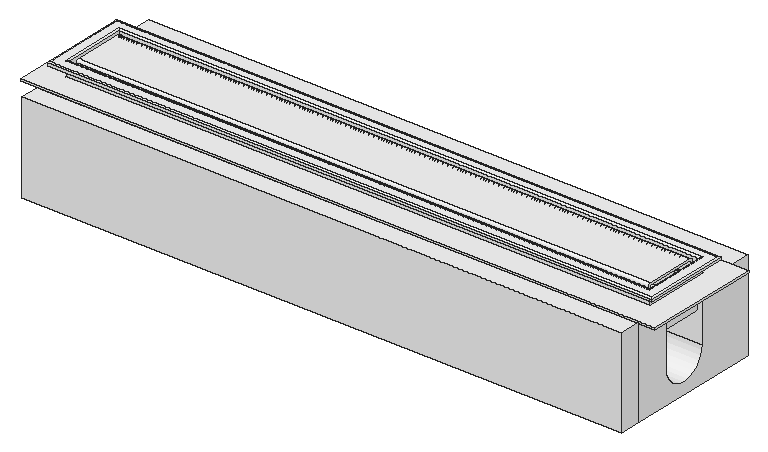
Revit family "NBS_Schluter-SystemsLtd_WstesForShwrTrys_Schluter-KERDI-LINE-H40", category Plumbing Fixtures, Revit 2015
Parameters (values of type "500mm_DesignerGrate_A")
  Width = 137.0 mm  # constant formula
  WarrantyStartDate [instance] = "1900-12-31T23:59:59"
  WarrantyGuarantorParts = "n/a"
  WarrantyGuarantorLabor = "n/a"
  WarrantyDurationUnit = "year"
  WarrantyDurationParts = "n/a"
  WarrantyDurationLabor = "n/a"
  WarrantyDescription = "5 years (Please contact Schlüter-Systems for further warranty information)"
  Version = "2"  # constant formula
  Uniclass2015Version = "Products v1.5"
  Uniclass2015Title = "Shower tray wastes"
  Uniclass2015Code = "Pr_70_55_96_83"
  TagNumber [instance] = "n/a"
  SustainabilityPerformance = "n/a"
  SuitableFrameCoverings = "Ceramic tiles, natural stone and other coatings"
  Size = "n/a"
  ShowerTrayGrateMaterial = NBS_Concept
  Shape = "n/a"
  SerialNumber [instance] = "n/a"
  Revision = "n/a"
  ReplacementCost = "n/a"
  ProductInformation = "www.schluter.co.uk/media/schlueter_db_8_7_kerdi_line_uk_1012.pdf"
  OutletConnectionSize = 40.0 mm
  NominalWidth = 0.0 mm
  NominalLength = 500.0 mm
  NominalHeight = 78.0 mm
  NominalBodyWidth = 0.0 mm
  NominalBodyLength = 550.0 mm
  NominalBodyDepth = 0.0 mm
  Name = "WastesForShowerTrays_Schlüter®-KERDI-LINE-H40_500mm_Schlüter-SystemsLtd"
  NBSTypeID = "n/a"
  NBSReference = "45-35-70/337"
  NBSOfficeMasterTag = "n/a"
  NBSNote = "n/a"
  NBSDescription = "Wastes for shower trays"
  NBSCertification = "www.nationalbimlibrary.com/cert/blqavxsn"
  ModelReference = "Schlüter®-KERDI-LINE-H 40"
  ModelNumber = "KLH 40 GE 50"
  ManufacturerURL = "www.schluter.co.uk"
  ManufacturerName = "Schlüter-Systems Ltd"  # constant formula
  Manufacturer = "www.schluter.co.uk"
  Length = 550.0 mm
  IntermediateInstallation [instance] = not(AdjoiningWall)  # yes
  InstallationDate [instance] = "1900-12-31T23:59:59"
  IfcExportType = "FLOORWASTE"  # constant formula
  IfcExportAs = "IfcWasteTerminalType"  # constant formula
  GrateOptions = "Designer Grate A, Designer Grate B, Designer Grate C, Designer Grate D"
  Grade = "n/a"
  FrameHeightOptions = "19 mm (for coverings with thicknesses of 3-15 mm), 30 mm (for coverings with thicknesses of 13-25 mm)"
  Form = "Flush linear drain"
  Finish = "n/a"
  Features = "Pre-adhered waterproof collor made of Schlüter®-KERDI to ensure reliable connection between channel body and the floor and/or wall."
  ExpectedLife = "n/a"
  EnvironmentalProductDeclaration = "n/a"
  DurationUnit = "year"
  DrainageCapacity = "DN 40 = 0.5 L/s (30 L/min)"
  DesignerGrate = NBS_Schluter-SystemsLtd_WstesForShwrTrys_KERDI-LINE_Grate_A : NBS_Schluter-SystemsLtd_WstesForShwrTrys_KERDI-LINE_Grate_A
  Description = "Horizontal drain with integrated odour trap"
  Depth = 91.7 mm  # constant formula
  CoverWidth = 55.0 mm
  CoverMaterial = "Stainless steel V4A 1.440"
  CoverLength = Length - 26.6 mm  # 523.4 mm
  Constituents = "n/a"
  Color = "white and grey"
  CodePerformance = "n/a"
  ChannelSupportMaterial = NBS_Concept
  ChannelSupportLength = Length - 30.6 mm  # 519.4 mm
  ChannelSupportHeight = 78.0 mm  # constant formula
  Category = "Pr_70_55_96_83:Shower tray wastes"
  BodyMaterial = "Channel body: Stainless steel V4A 1.4404; Drain body: High impact polypropylene (PP); Odour trap: Acrylonitrile butadiene styrene (ABS); Frame: Stainless steel V4A 1.440; Channel support: Pressure resistant, expanded polystyrene (EPS)"
  BarCode [instance] = "n/a"
  BIMObjectName = "NBS_Schlüter-SystemsLtd_WastesForShowerTrays_Schlüter®-KERDI-LINE-H40-500mm"
  Author = "NBS"  # constant formula
  AssetType = "Fixed"
  AssetIdentifier [instance] = "n/a"
  AdjoiningWall [instance] = no
  AccessibilityPerformance = "n/a"
Reference planes
  plane 1 "Center (Front/Back)": y = 0
  plane 2: z = 0
  plane 3 "Center (Left/Right)": x = 0
  plane 4: z = -12.2
  plane 5: z = -13.7
  plane 6: z = -91.7
  plane 7: y = -67.5
  plane 8: y = 69.5
  plane 9: y = -50.5
  plane 10: x = -275
  plane 11: x = 275
  plane 12 "PipeConnection": x = 137.5
  plane 13: z = -61.7
Dimensions and locks
  locked: plane 2 to plane 4 at 12.2
  locked: plane 4 to plane 5 at 1.5
  "ChannelSupportHeight": plane 5 to plane 6
  locked: plane 9 to plane 7 at 17
  locked: plane 1 "Center (Front/Back)" to plane 8 at 69.5
  "Width": plane 8 to plane 7
  equal spacing: plane 10, plane 3 "Center (Left/Right)", plane 11
  "Length": plane 10 to plane 11
  locked: plane 3 "Center (Left/Right)" to plane 12 "PipeConnection" at 137.5
  locked: plane 2 to plane 13 at 61.7
  aligned and locked: level to plane 2
  aligned and locked: plane 3 "Center (Left/Right)" to nested 1
  aligned and locked: plane 4 to nested 1
  aligned and locked: plane 3 "Center (Left/Right)" to nested 2
  aligned and locked: plane 1 "Center (Front/Back)" to nested 2
  aligned and locked: nested 2 to plane 6
  aligned and locked: plane 3 "Center (Left/Right)" to nested 3
  aligned and locked: plane 6 to nested 3
  aligned and locked: plane 5 to nested 3
  aligned and locked: plane 3 "Center (Left/Right)" to nested 4
  aligned and locked: plane 1 "Center (Front/Back)" to nested 4
Nested families
  nested 1: "NBS_Schluter-SystemsLtd_WstesForShwrTrys_KERDI-LINE_Tray" at (0, 0, -12.2), TrayLength <- "Length", TrayMaterial <- "ShowerTrayGrateMaterial", type "NBS_Schluter-SystemsLtd_WstesForShwrTrys_KERDI-LINE_Tray"
    with TrayWidth 101.0 mm, TrayMaterial NBS_Concept, TrayLength 550.0 mm, TrayDepth 25.0 mm, HoleWidth 56.0 mm, HoleLength 115.0 mm, HoleFilletRadius 28.0 mm
  nested 2: "NBS_Schluter-SystemsLtd_WstesForShwrTrys_KERDI-LINE_ChannelSupport" at (0, 0, -91.7), ChannelSupportLength <- "ChannelSupportLength", ChannelSupportMaterial <- "ChannelSupportMaterial", IntermediateInstallation <- "IntermediateInstallation", AdjoiningWall <- "AdjoiningWall", type "H40"
    with TrayLength 509.0 mm, IntermediateInstallation yes, ChannelSupportMaterial NBS_Concept, ChannelSupportLength 519.4 mm, AdjoiningWall no
  nested 3: "NBS_Schluter-SystemsLtd_WstesForShwrTrys_KERDI-LINE_Drain" at (0, 0, -13.7), DrainBodyMaterial <- "ShowerTrayGrateMaterial", type "NBS_Schluter-SystemsLtd_WstesForShwrTrys_KERDI-LINE_Drain"
    with FilletRadius 10.0 mm, DrainPipeRadius 20.0 mm, DrainPipePosition 30.0 mm, DrainPipeLength 70.0 mm, DrainPipeInnerRadius 18.0 mm, DrainPipeDiameter 40.0 mm, DrainBodyWidth 90.0 mm, DrainBodyMaterial NBS_Concept, DrainBodyLength 135.0 mm, DrainBodyDepth 78.0 mm
  nested 4: "NBS_Schluter-SystemsLtd_WstesForShwrTrys_KERDI-LINE_Grate_A" at (0, 0, 0.1), type <- "DesignerGrate", Material <- "ShowerTrayGrateMaterial", Length <- "CoverLength", type "NBS_Schluter-SystemsLtd_WstesForShwrTrys_KERDI-LINE_Grate_A"
    with Width 74.4 mm, Material NBS_Concept, Length 523.4 mm, GrateWidth 47.0 mm
Connectors
  piping at (137.5, 0, -61.7), diameter 40
    settings: index 1, connector inside diameter 609.6 mm, connector length 0.0 mm, flow factor 0, pipe flow 0.0 L/s, pressure drop 0.0 Pa, fitting loss kfactor 0, connector angle 0.00°, fixture units 0, engagement length 0.0 mm, angle of deflection 0.00°, flow configuration 0, flow direction 0, fitting loss method 0, system type 16, joint type 0, gender type 0, connector reference index -1, connector utility 0, adjustable connector no, is connector primary yes, connector description ""
Definition of nested family "NBS_Schluter-SystemsLtd_WstesForShwrTrys_KERDI-LINE_Tray"
  Parameters
    TrayWidth [instance] = 101.0 mm  # constant formula
    TrayMaterial [instance] = none
    TrayLength [instance] = 1000.0 mm
    TrayDepth [instance] = 25.0 mm  # constant formula
    HoleWidth [instance] = 56.0 mm  # constant formula
    HoleLength [instance] = 115.0 mm  # constant formula
    HoleFilletRadius [instance] = HoleWidth / 2  # 28.0 mm
  Reference planes
    plane 1 "Center (Front/Back)": y = 0
    plane 2: z = 0
    plane 3 "Center (Left/Right)": x = 0
    plane 4: y = 50.5
    plane 5: y = -50.5
    plane 6: x = -500
    plane 7: x = 500
    plane 8: y = 28.5
    plane 9: y = -28.5
    plane 10: x = -478
    plane 11: x = 478
    plane 12: z = -25
    plane 13: z = -1.5
    plane 14: y = -30
    plane 15: z = -23.4
    plane 16: x = -29.5
    plane 17: x = 29.5
    plane 18: y = 28
    plane 19: y = -28
    plane 20: x = -57.5
    plane 21: x = 57.5
    plane 22: y = 29.5
    plane 23: x = 59
    plane 24: x = -59
    plane 25: y = -29.5
    plane 26: z = -35
    plane 27: y = 26.5
    plane 28: y = -26.5
    plane 29: x = -56
    plane 30: x = 56
    plane 31: z = -28.4
    plane 32: z = -68.4
    plane 33: z = -71
    plane 34: z = -69
  Forms (mm)
    Sweep 1, solid, material <- "TrayMaterial"
      path origin (0, 0, 0) x (1, 0, 0) y (0, 1, 0)
        loop
          line (-478, -28.5) -> (478, -28.5) -> (478, 28.5) -> (-478, 28.5) -> (-478, -28.5)
      profile origin (0, -28.5, 0) x (0, 1, 0) y (0, 0, 1)
        loop
          line (0, 0) -> (-22, 0) -> (-22, -1.5) -> (-1.5, -1.5) -> (-1.5, -25) -> (0, -25) -> (0, 0)
    Extrusion 2, solid, material <- "TrayMaterial"
      sketch origin (0, 0, 0) x (1, 0, 0) y (0, 1, 0)
        loop
          line (-478, 28.5) -> (-478, -28.5) -> (478, -28.5) -> (478, 28.5) -> (-478, 28.5)
        loop
          line (-29.5, -28) -> (29.5, -28)
          arc (29.5, -28) -> (57.5, 0) -> (29.5, 28) r 28
          line (29.5, 28) -> (-29.5, 28)
          arc (-29.5, 28) -> (-57.5, 0) -> (-29.5, -28) r 28
      from -25 to -23.4
    Extrusion 3, solid, material <- "TrayMaterial"
      sketch origin (0, 0, 0) x (1, 0, 0) y (0, 1, 0)
        loop
          line (-29.5, -29.5) -> (29.5, -29.5)
          arc (29.5, -29.5) -> (59, 0) -> (29.5, 29.5) r 29.5
          line (29.5, 29.5) -> (-29.5, 29.5)
          arc (-29.5, 29.5) -> (-59, 0) -> (-29.5, -29.5) r 29.5
        loop
          arc (-29.5, 28) -> (-57.5, 0) -> (-29.5, -28) r 28
          line (-29.5, -28) -> (29.5, -28)
          arc (29.5, -28) -> (57.5, 0) -> (29.5, 28) r 28
          line (29.5, 28) -> (-29.5, 28)
      from -35 to -25
    Extrusion 4, solid, material <- "TrayMaterial"
      sketch origin (0, 0, 0) x (1, 0, 0) y (0, 1, 0)
        loop
          arc (-29.5, 26.5) -> (-56, 0) -> (-29.5, -26.5) r 26.5
          line (-29.5, -26.5) -> (29.5, -26.5)
          arc (29.5, -26.5) -> (56, 0) -> (29.5, 26.5) r 26.5
          line (29.5, 26.5) -> (-29.5, 26.5)
        loop
          circle (0, 0) r 24.5
      from -28.4 to -23.4
    Extrusion 5, solid, material <- "TrayMaterial"
      sketch origin (0, 0, 0) x (1, 0, 0) y (0, 1, 0)
        loop
          circle (0, 0) r 26.5
        loop
          circle (0, 0) r 24.5
      from -68.4 to -28.4
    Extrusion 6, solid, material <- "TrayMaterial"
      sketch origin (0, 0, 0) x (1, 0, 0) y (0, 1, 0)
        loop
          circle (0, 0) r 42.5
      from -71 to -35
    Extrusion 7, void
      sketch origin (0, 0, 0) x (1, 0, 0) y (0, 1, 0)
        loop
          circle (0, 0) r 40.5
      from -69 to -35
  Cuts and joins
    Extrusion 7 cuts Extrusion 6
  Dimensions and locks
    locked: plane 6 to plane 10 at 22
    locked: plane 11 to plane 7 at 22
    locked: plane 5 to plane 9 at 22
    locked: plane 4 to plane 8 at 22
    equal spacing: plane 4, plane 1 "Center (Front/Back)", plane 5
    equal spacing: plane 6, plane 3 "Center (Left/Right)", plane 7
    "TrayWidth": plane 4 to plane 5
    "TrayLength": plane 6 to plane 7
    "TrayDepth": plane 2 to plane 12
    locked: plane 2 to plane 13 at 1.5
    locked: plane 9 to plane 14 at 1.5
    locked: plane 15 to plane 12 at 1.6
    equal spacing: plane 18, plane 1 "Center (Front/Back)", plane 19
    "HoleWidth": plane 18 to plane 19
    "HoleFilletRadius": plane 20 to plane 16
    "HoleFilletRadius": plane 17 to plane 21
    equal spacing: plane 20, plane 3 "Center (Left/Right)", plane 21
    "HoleLength": plane 20 to plane 21
    locked: plane 19 to plane 25 at 1.5
    locked: plane 22 to plane 18 at 1.5
    locked: plane 24 to plane 20 at 1.5
    locked: plane 21 to plane 23 at 1.5
    locked: plane 12 to plane 26 at 10
    locked: plane 18 to plane 27 at 1.5
    locked: plane 28 to plane 19 at 1.5
    locked: plane 20 to plane 29 at 1.5
    locked: plane 30 to plane 21 at 1.5
    locked: plane 31 to plane 32 at 40
    locked: plane 26 to plane 33 at 36
    locked: plane 34 to plane 33 at 2
    radius of Extrusion 6 sketch curve = 42.5 mm
    radius of Extrusion 7 sketch curve = 40.5 mm
    radius of Extrusion 5 sketch curve = 24.5 mm
    radius of Extrusion 5 sketch curve = 26.5 mm
    radius of Extrusion 4 sketch curve = 24.5 mm
    aligned and locked: level to plane 2
    aligned and locked: plane 8 to Sweep 1 sketch curve
    aligned and locked: Sweep 1 sketch curve to plane 10
    aligned and locked: plane 9 to Sweep 1 sketch curve
    aligned and locked: plane 11 to Sweep 1 sketch curve
    aligned and locked: plane 2 to Sweep 1 sketch curve
    aligned and locked: Sweep 1 sketch curve to plane 9
    aligned and locked: Sweep 1 sketch curve to plane 12
    aligned and locked: Sweep 1 sketch curve to plane 5
    aligned and locked: Sweep 1 sketch curve to plane 13
    aligned and locked: plane 14 to Sweep 1 sketch curve
    aligned and locked: Extrusion 2 sketch curve to plane 8
    aligned and locked: plane 10 to Extrusion 2 sketch curve
    aligned and locked: Extrusion 2 sketch curve to plane 11
    aligned and locked: Extrusion 2 sketch curve to plane 9
    aligned and locked: Extrusion 2 to plane 12
    aligned and locked: plane 15 to Extrusion 2
    aligned and locked: Extrusion 2 sketch curve to plane 18
    aligned and locked: Extrusion 2 sketch curve to plane 19
    aligned and locked: plane 16 to Extrusion 2 sketch curve  (x2)
    aligned and locked: plane 17 to Extrusion 2 sketch curve  (x2)
    aligned and locked: Extrusion 3 sketch curve to plane 25
    aligned and locked: Extrusion 3 sketch curve to plane 22
    aligned and locked: plane 16 to Extrusion 3 sketch curve  (x4)
    aligned and locked: plane 17 to Extrusion 3 sketch curve  (x4)
    aligned and locked: Extrusion 3 sketch curve to plane 19
    aligned and locked: Extrusion 3 sketch curve to plane 18
    aligned and locked: plane 12 to Extrusion 3
    aligned and locked: Extrusion 3 to plane 26
    aligned and locked: Extrusion 4 sketch curve to plane 27
    aligned and locked: Extrusion 4 sketch curve to plane 28
    aligned and locked: plane 16 to Extrusion 4 sketch curve  (x2)
    aligned and locked: plane 17 to Extrusion 4 sketch curve  (x2)
    aligned and locked: plane 15 to Extrusion 4
    aligned and locked: Extrusion 4 to plane 31
    aligned and locked: plane 31 to Extrusion 5
    aligned and locked: Extrusion 5 to plane 32
    aligned and locked: plane 26 to Extrusion 6
    aligned and locked: Extrusion 6 to plane 33
    aligned and locked: plane 26 to Extrusion 7
    aligned and locked: Extrusion 7 to plane 34
  Automatic sketch dimensions
    plane 1 "Center (Front/Back)" to Extrusion 4 sketch curve = 0.0 mm
    Extrusion 4 sketch curve to plane 3 "Center (Left/Right)" = 0.0 mm
    Extrusion 5 sketch curve to Extrusion 5 sketch curve = 0.0 mm  (x2)
    plane 1 "Center (Front/Back)" to Extrusion 5 sketch curve = 0.0 mm
    Extrusion 5 sketch curve to plane 3 "Center (Left/Right)" = 0.0 mm
    plane 1 "Center (Front/Back)" to Extrusion 6 sketch curve = 0.0 mm
    Extrusion 6 sketch curve to plane 3 "Center (Left/Right)" = 0.0 mm
    plane 1 "Center (Front/Back)" to Extrusion 7 sketch curve = 0.0 mm
    Extrusion 7 sketch curve to plane 3 "Center (Left/Right)" = 0.0 mm
Definition of nested family "NBS_Schluter-SystemsLtd_WstesForShwrTrys_KERDI-LINE_ChannelSupport"
  Parameters
    TrayWidth = ChannelSupportWidth - 20.5 mm * 2  # 60.0 mm
    TrayLength [instance] = ChannelSupportLength - 5.2 mm * 2  # 989.6 mm
    TrayDepth = 23.5 mm  # constant formula
    PipeChannelWidth = 40.0 mm
    PipeChannelDepth = 48.0 mm
    IntermediateInstallationWidth = 17.0 mm  # constant formula
    IntermediateInstallation [instance] = not(AdjoiningWall)  # no
    DrainBodyWidth = 90.0 mm  # constant formula
    DrainBodyLength = 135.0 mm  # constant formula
    ChannelSupportWidth = 101.0 mm  # constant formula
    ChannelSupportMaterial [instance] = none
    ChannelSupportLength [instance] = 1000.0 mm
    ChannelSupportHeight = 78.0 mm
    AdjoiningWall [instance] = yes
  Reference planes
    plane 1 "Center (Front/Back)": y = 0
    plane 2: z = 0
    plane 3 "Center (Left/Right)": x = 0
    plane 4: y = 50.5
    plane 5: y = -50.5
    plane 6: x = 500
    plane 7: x = -500
    plane 8: y = 20
    plane 9: y = -20
    plane 10: x = -67.5
    plane 11: x = 67.5
    plane 12: y = 45
    plane 13: y = -45
    plane 14: z = 78
    plane 15: z = 30
    plane 16: y = 30
    plane 17: y = -30
    plane 18: x = -494.8
    plane 19: x = 494.8
    plane 20: z = 54.5
    plane 21: y = 69.5
    plane 22: y = -67.5
  Forms (mm)
    Extrusion 1, solid, material <- "ChannelSupportMaterial"
      sketch origin (0, 0, 0) x (1, 0, 0) y (0, 1, 0)
        loop
          line (-500, 69.5) -> (-500, -50.5) -> (500, -50.5) -> (500, 69.5) -> (-500, 69.5)
        loop
          line (-67.5, 45) -> (-67.5, -45) -> (67.5, -45) -> (67.5, 45) -> (-67.5, 45)
      from 0 to 78
    Extrusion 2, void
      sketch origin (0, 0, 0) x (0, 1, 0) y (0, 0, 1)
        loop
          line (20, 78) -> (-20, 78) -> (-20, 30)
          arc (-20, 30) -> (0, 10) -> (20, 30) r 20
          line (20, 30) -> (20, 78)
      from -500 to 500
    Extrusion 3, void
      sketch origin (0, 0, 0) x (1, 0, 0) y (0, 1, 0)
        loop
          line (-494.8, 30) -> (-494.8, -30) -> (494.8, -30) -> (494.8, 30) -> (-494.8, 30)
      from 54.5 to 78
    Extrusion 4, solid, material <- "ChannelSupportMaterial", visible <- "IntermediateInstallation"
      sketch origin (0, 0, 0) x (1, 0, 0) y (0, 1, 0)
        loop
          line (-500, -50.5) -> (-500, -67.5) -> (500, -67.5) -> (500, -50.5) -> (-500, -50.5)
      from 0 to 78
  Cuts and joins
    Extrusion 2, Extrusion 3 cuts Extrusion 1
  Dimensions and locks
    equal spacing: plane 7, plane 3 "Center (Left/Right)", plane 6
    equal spacing: plane 4, plane 1 "Center (Front/Back)", plane 5
    equal spacing: plane 8, plane 1 "Center (Front/Back)", plane 9
    equal spacing: plane 10, plane 3 "Center (Left/Right)", plane 11
    equal spacing: plane 12, plane 1 "Center (Front/Back)", plane 13
    "ChannelSupportHeight": plane 14 to plane 2
    "ChannelSupportLength": plane 7 to plane 6
    "ChannelSupportWidth": plane 4 to plane 5
    plane 12 to plane 13 = 90.0 mm
    "DrainBodyLength": plane 10 to plane 11
    "PipeChannelWidth": plane 8 to plane 9
    "PipeChannelDepth": plane 14 to plane 15
    equal spacing: plane 17, plane 1 "Center (Front/Back)", plane 16
    "TrayWidth": plane 17 to plane 16
    equal spacing: plane 18, plane 3 "Center (Left/Right)", plane 19
    "TrayLength": plane 18 to plane 19
    "TrayDepth": plane 14 to plane 20
    locked: plane 21 to plane 4 at 19
    locked: plane 22 to plane 5 at 17
    aligned and locked: level to plane 2
    aligned and locked: plane 7 to Extrusion 1 sketch curve
    aligned and locked: Extrusion 1 sketch curve to plane 6
    aligned and locked: plane 5 to Extrusion 1 sketch curve
    aligned and locked: Extrusion 1 to plane 2
    aligned and locked: plane 14 to Extrusion 1
    aligned and locked: Extrusion 2 sketch curve to plane 14
    aligned and locked: plane 9 to Extrusion 2 sketch curve
    aligned and locked: plane 8 to Extrusion 2 sketch curve
    aligned and locked: plane 15 to Extrusion 2 sketch curve  (x2)
    aligned and locked: Extrusion 2 to plane 7
    aligned and locked: plane 6 to Extrusion 2
    aligned and locked: Extrusion 1 sketch curve to plane 12
    aligned and locked: plane 10 to Extrusion 1 sketch curve
    aligned and locked: plane 13 to Extrusion 1 sketch curve
    aligned and locked: Extrusion 1 sketch curve to plane 11
    aligned and locked: Extrusion 3 sketch curve to plane 16
    aligned and locked: Extrusion 3 sketch curve to plane 19
    aligned and locked: Extrusion 3 sketch curve to plane 17
    aligned and locked: plane 18 to Extrusion 3 sketch curve
    aligned and locked: plane 14 to Extrusion 3
    aligned and locked: plane 20 to Extrusion 3
    aligned and locked: Extrusion 1 sketch curve to plane 21
    aligned and locked: Extrusion 4 sketch curve to plane 5
    aligned and locked: Extrusion 4 sketch curve to plane 6
    aligned and locked: Extrusion 4 sketch curve to plane 22
    aligned and locked: plane 7 to Extrusion 4 sketch curve
    aligned and locked: Extrusion 4 to plane 2
    aligned and locked: plane 14 to Extrusion 4
Definition of nested family "NBS_Schluter-SystemsLtd_WstesForShwrTrys_KERDI-LINE_Drain"
  Parameters
    FilletRadius [instance] = 10.0 mm  # constant formula
    DrainPipeRadius [instance] = DrainPipeDiameter / 2  # 20.0 mm
    DrainPipePosition [instance] = 30.0 mm
    DrainPipeLength [instance] = 70.0 mm  # constant formula
    DrainPipeInnerRadius [instance] = DrainPipeRadius - 2.0 mm  # 18.0 mm
    DrainPipeDiameter [instance] = 40.0 mm
    DrainBodyWidth [instance] = 90.0 mm  # constant formula
    DrainBodyMaterial [instance] = none
    DrainBodyLength [instance] = 135.0 mm  # constant formula
    DrainBodyDepth [instance] = 55.0 mm
  Reference planes
    plane 1 "Center (Front/Back)": y = 0
    plane 2: z = 0
    plane 3 "Center (Left/Right)": x = 0
    plane 4: y = 45
    plane 5: y = -45
    plane 6: x = -67.5
    plane 7: x = 67.5
    plane 8: x = -57.5
    plane 9 "RotationAxis1": y = 35
    plane 10 "RotationAxis2": y = -35
    plane 11: x = 57.5
    plane 12: z = -55
    plane 13: z = -45
    plane 14: z = -25
    plane 15: x = 137.5
    plane 16: x = -65.5
    plane 17: y = 43
    plane 18: y = -43
    plane 19: x = 65.5
    plane 20: z = -53
  Forms (mm)
    Extrusion 1, solid, material <- "DrainBodyMaterial"
      sketch origin (0, 0, 0) x (1, 0, 0) y (0, 1, 0)
        loop
          arc (-67.5, -35) -> (-64.571, -42.071) -> (-57.5, -45) r 10
          line (-57.5, -45) -> (57.5, -45)
          arc (57.5, -45) -> (64.571, -42.071) -> (67.5, -35) r 10
          line (67.5, -35) -> (67.5, 35)
          arc (67.5, 35) -> (64.571, 42.071) -> (57.5, 45) r 10
          line (57.5, 45) -> (-57.5, 45)
          arc (-57.5, 45) -> (-64.571, 42.071) -> (-67.5, 35) r 10
          line (-67.5, 35) -> (-67.5, -35)
        loop
          line (-65.5, 35) -> (-65.5, -35)
          arc (-65.5, -35) -> (-63.157, -40.657) -> (-57.5, -43) r 8
          line (-57.5, -43) -> (57.5, -43)
          arc (57.5, -43) -> (63.157, -40.657) -> (65.5, -35) r 8
          line (65.5, -35) -> (65.5, 35)
          arc (65.5, 35) -> (63.157, 40.657) -> (57.5, 43) r 8
          line (57.5, 43) -> (-57.5, 43)
          arc (-57.5, 43) -> (-63.157, 40.657) -> (-65.5, 35) r 8
      from -45 to 0
    Extrusion 2, solid, material <- "DrainBodyMaterial"
      sketch origin (0, 0, 0) x (1, 0, 0) y (0, 0, 1)
        loop
          arc (57.5, -55) -> (64.571, -52.071) -> (67.5, -45) r 10
          line (67.5, -45) -> (65.5, -45)
          arc (65.5, -45) -> (63.157, -50.657) -> (57.5, -53) r 8
          line (57.5, -53) -> (-57.5, -53)
          arc (-57.5, -53) -> (-63.157, -50.657) -> (-65.5, -45) r 8
          line (-65.5, -45) -> (-67.5, -45)
          arc (-67.5, -45) -> (-64.571, -52.071) -> (-57.5, -55) r 10
          line (-57.5, -55) -> (57.5, -55)
      from -35 to 35
    Revolve 3, solid, material <- "DrainBodyMaterial"
      sketch origin (0, -35, 0) x (-1, 0, 0) y (0, 0, -1)
        loop
          arc (67.5, 45) -> (64.571, 52.071) -> (57.5, 55) r 10
          line (57.5, 55) -> (-57.5, 55)
          arc (-57.5, 55) -> (-64.571, 52.071) -> (-67.5, 45) r 10
          line (-67.5, 45) -> (-65.5, 45)
          arc (-65.5, 45) -> (-63.157, 50.657) -> (-57.5, 53) r 8
          line (-57.5, 53) -> (57.5, 53)
          arc (57.5, 53) -> (63.157, 50.657) -> (65.5, 45) r 8
          line (65.5, 45) -> (67.5, 45)
        axis (67.5, 45) -> (-67.5, 45)
      angle from 270 to 360
    Extrusion 4, void
      sketch origin (0, 0, 0) x (0, 1, 0) y (0, 0, 1)
        loop
          circle (0, -25) r 18
      from 57.5 to 90.658
    Extrusion 5, solid, material <- "DrainBodyMaterial"
      sketch origin (0, 0, 0) x (0, 1, 0) y (0, 0, 1)
        loop
          circle (0, -25) r 20
        loop
          circle (0, -25) r 18
      from 65.5 to 137.5
    Revolve 6, solid, material <- "DrainBodyMaterial"
      sketch origin (0, 35, 0) x (-1, 0, 0) y (0, 0, 1)
        loop
          line (67.5, -45) -> (65.5, -45)
          arc (65.5, -45) -> (63.157, -50.657) -> (57.5, -53) r 8
          line (57.5, -53) -> (-57.5, -53)
          arc (-57.5, -53) -> (-63.157, -50.657) -> (-65.5, -45) r 8
          line (-65.5, -45) -> (-67.5, -45)
          arc (-67.5, -45) -> (-64.571, -52.071) -> (-57.5, -55) r 10
          line (-57.5, -55) -> (57.5, -55)
          arc (57.5, -55) -> (64.571, -52.071) -> (67.5, -45) r 10
        axis (67.5, -45) -> (-67.5, -45)
      angle from 270 to 360
  Cuts and joins
    Extrusion 4 cuts Extrusion 1
    Extrusion 4 cuts Extrusion 2
  Dimensions and locks
    equal spacing: plane 6, plane 3 "Center (Left/Right)", plane 7
    "DrainBodyLength": plane 6 to plane 7
    equal spacing: plane 4, plane 1 "Center (Front/Back)", plane 5
    "DrainBodyWidth": plane 4 to plane 5
    "FilletRadius": plane 6 to plane 8
    "FilletRadius": plane 11 to plane 7
    "FilletRadius": plane 10 "RotationAxis2" to plane 5
    "FilletRadius": plane 4 to plane 9 "RotationAxis1"
    "DrainBodyDepth": plane 2 to plane 12
    "FilletRadius": plane 13 to plane 12
    "DrainPipePosition": plane 14 to plane 12
    "DrainPipeLength": plane 7 to plane 15
    locked: plane 18 to plane 5 at 2
    locked: plane 4 to plane 17 at 2
    locked: plane 6 to plane 16 at 2
    locked: plane 19 to plane 7 at 2
    locked: plane 20 to plane 12 at 2
    "DrainPipeInnerRadius": radius of Extrusion 4 sketch curve
    "DrainPipeRadius": radius of Extrusion 5 sketch curve
    "DrainPipeInnerRadius": radius of Extrusion 5 sketch curve
    aligned and locked: level to plane 2
    aligned and locked: plane 6 to Extrusion 1 sketch curve
    aligned and locked: Extrusion 1 sketch curve to plane 4
    aligned and locked: plane 5 to Extrusion 1 sketch curve
    aligned and locked: Extrusion 1 sketch curve to plane 7
    aligned and locked: plane 8 to Extrusion 1 sketch curve  (x4)
    aligned and locked: plane 9 "RotationAxis1" to Extrusion 1 sketch curve  (x4)
    aligned and locked: plane 10 "RotationAxis2" to Extrusion 1 sketch curve  (x4)
    aligned and locked: plane 11 to Extrusion 1 sketch curve  (x4)
    aligned and locked: plane 2 to Extrusion 1
    aligned and locked: Extrusion 1 to plane 13
    aligned and locked: plane 12 to Extrusion 2 sketch curve
    aligned and locked: plane 8 to Extrusion 2 sketch curve
    aligned and locked: plane 13 to Extrusion 2 sketch curve  (x2)
    aligned and locked: plane 11 to Extrusion 2 sketch curve
    aligned and locked: plane 9 "RotationAxis1" to Extrusion 2
    aligned and locked: Extrusion 2 to plane 10 "RotationAxis2"
    aligned and locked: Revolve 3 to plane 10 "RotationAxis2"
    aligned and locked: plane 17 to Extrusion 1 sketch curve
    aligned and locked: Extrusion 1 sketch curve to plane 16
    aligned and locked: Extrusion 1 sketch curve to plane 18
    aligned and locked: plane 19 to Extrusion 1 sketch curve
    aligned and locked: Extrusion 4 to plane 11
    aligned and locked: plane 15 to Extrusion 5
    aligned and locked: Extrusion 5 to plane 19
    aligned and locked: Revolve 3 sketch curve to plane 20
    aligned and locked: Revolve 3 sketch curve to plane 13
    aligned and locked: plane 8 to Revolve 3 sketch curve
    aligned and locked: plane 13 to Revolve 3 sketch curve  (x3)
    aligned and locked: plane 11 to Revolve 3 sketch curve
    aligned and locked: plane 9 "RotationAxis1" to Revolve 6
    aligned and locked: plane 13 to Revolve 6
  Automatic sketch dimensions
    Extrusion 2 sketch curve to Extrusion 2 sketch curve = 0.0 mm  (x2)
    Extrusion 2 sketch curve to plane 16 = 0.0 mm
    Revolve 3 sketch curve to Revolve 3 sketch curve = 0.0 mm  (x2)
    Revolve 3 sketch curve to plane 13 = 0.0 mm
    Revolve 3 sketch curve to plane 7 = 0.0 mm
    plane 15 to Revolve 3 sketch curve = 1761.483 mm
    Revolve 3 sketch curve to Revolve 3 sketch curve = 1380.282 mm
    Revolve 6 sketch curve to Revolve 6 sketch curve = 0.0 mm  (x4)
    Revolve 6 sketch curve to plane 13 = 0.0 mm  (x3)
    Revolve 6 sketch curve to plane 7 = 0.0 mm
    Revolve 6 sketch curve to plane 19 = 0.0 mm
    Revolve 6 sketch curve to plane 11 = 0.0 mm
    Revolve 6 sketch curve to plane 8 = 0.0 mm
    plane 15 to Revolve 6 sketch curve = 1761.483 mm
    Revolve 6 sketch curve to Revolve 6 sketch curve = 1380.282 mm
    Extrusion 4 sketch curve to plane 1 "Center (Front/Back)" = 0.0 mm
    Extrusion 4 sketch curve to plane 14 = 0.0 mm
    Extrusion 5 sketch curve to Extrusion 5 sketch curve = 0.0 mm  (x2)
    Extrusion 5 sketch curve to plane 1 "Center (Front/Back)" = 0.0 mm
    Extrusion 5 sketch curve to plane 14 = 0.0 mm
Definition of nested family "NBS_Schluter-SystemsLtd_WstesForShwrTrys_KERDI-LINE_Grate_A"
  Parameters
    GrateWidth [instance] = 47.0 mm  # constant formula
    Width [instance] = 74.4 mm  # constant formula
    Material [instance] = none
    Length [instance] = 1023.4 mm
  Reference planes
    plane 1 "Center (Front/Back)": y = 0
    plane 2: z = 0
    plane 3 "Center (Left/Right)": x = 0
    plane 4: y = 37.2
    plane 5: y = -37.2
    plane 6: x = -511.7
    plane 7: x = 511.7
    plane 8: x = -501.7
    plane 9: x = 501.7
    plane 10: y = -27.2
    plane 11: y = 27.2
    plane 12: x = -497.7
    plane 13: x = 497.7
    plane 14: y = 23.5
    plane 15: y = -23.5
    plane 16: z = -12
    plane 17: z = -19
    plane 18: x = -496.2
    plane 19: x = 496.2
    plane 20: y = 22
    plane 21: y = -22
    plane 22: z = -1.5
    plane 23: y = 28
    plane 24: z = -0.806
    plane 25: y = 36.4
    plane 26: z = -3
    plane 27: z = -12.8
    plane 28: y = 21
    plane 29: z = -2.5
    plane 30: y = -21
    plane 31: y = 35.9
    plane 32: y = 28.5
    plane 33: z = -1.3
    plane 34: y = 21.2
  Forms (mm)
    Sweep 1, solid, material <- "Material", detail levels fine
      path origin (0, 0, 0) x (1, 0, 0) y (0, 1, 0)
        loop
          line (-511.7, 37.2) -> (-511.7, -37.2) -> (511.7, -37.2) -> (511.7, 37.2) -> (-511.7, 37.2)
      profile origin (0, 37.2, 0) x (0, 1, 0) y (0, 0, 1)
        loop
          line (-1.3, 0) -> (-8.723, 0)
          arc (-8.723, 0) -> (-9.627, -0.389) -> (-10, -1.3) r 1.3
          line (-10, -1.3) -> (-10, -19) -> (-9.2, -19) -> (-9.2, -0.806) -> (-0.8, -0.806) -> (-0.8, -3) -> (0, -3) -> (0, -1.3)
          arc (0, -1.3) -> (-0.381, -0.381) -> (-1.3, 0) r 1.3
    Sweep 2, solid, material <- "Material"
      path origin (0, 0, 0) x (1, 0, 0) y (0, 1, 0)
        loop
          line (-511.7, 37.2) -> (-511.7, -37.2) -> (511.7, -37.2) -> (511.7, 37.2) -> (-511.7, 37.2)
      profile origin (0, 37.2, 0) x (0, 1, 0) y (0, 0, 1)
        loop
          line (-10, -12) -> (-16, -12) -> (-16, -12.8) -> (-10, -12.8) -> (-10, -12)
    Extrusion 3, solid, material <- "Material", detail levels fine
      sketch origin (0, 0, 0) x (0, 1, 0) y (0, 0, 1)
        loop
          line (23.5, -12) -> (23.5, -2.5)
          arc (23.5, -2.5) -> (22.768, -0.732) -> (21, 0) r 2.5
          line (21, 0) -> (-21, 0)
          arc (-21, 0) -> (-22.768, -0.732) -> (-23.5, -2.5) r 2.5
          line (-23.5, -2.5) -> (-23.5, -12) -> (-22, -12) -> (-22, -2.5)
          arc (-22, -2.5) -> (-21.707, -1.793) -> (-21, -1.5) r 1
          line (-21, -1.5) -> (21, -1.5)
          arc (21, -1.5) -> (21.707, -1.793) -> (22, -2.5) r 1
          line (22, -2.5) -> (22, -12) -> (23.5, -12)
      from -497.7 to 497.7
    Extrusion 4, solid, material <- "Material", detail levels coarse+medium
      sketch origin (0, 0, 0) x (0, 1, 0) y (0, 0, 1)
        loop
          line (23.5, 0) -> (-23.5, 0) -> (-23.5, -12) -> (-22, -12) -> (-22, -1.5) -> (22, -1.5) -> (22, -12) -> (23.5, -12) -> (23.5, 0)
      from -497.7 to 497.7
    Sweep 5, solid, material <- "Material", detail levels coarse+medium
      path origin (0, 0, 0) x (1, 0, 0) y (0, 1, 0)
        loop
          line (-511.7, 37.2) -> (-511.7, -37.2) -> (511.7, -37.2) -> (511.7, 37.2) -> (-511.7, 37.2)
      profile origin (0, 37.2, 0) x (0, 1, 0) y (0, 0, 1)
        loop
          line (0, 0) -> (-10, 0) -> (-10, -19) -> (-9.2, -19) -> (-9.2, -3) -> (0, -3) -> (0, 0)
  Dimensions and locks
    equal spacing: plane 6, plane 3 "Center (Left/Right)", plane 7
    "Length": plane 6 to plane 7
    equal spacing: plane 4, plane 1 "Center (Front/Back)", plane 5
    "Width": plane 4 to plane 5
    locked: plane 10 to plane 5 at 10
    locked: plane 11 to plane 4 at 10
    locked: plane 6 to plane 8 at 10
    locked: plane 9 to plane 7 at 10
    locked: plane 8 to plane 12 at 4
    locked: plane 13 to plane 9 at 4
    locked: plane 15 to plane 21 at 1.5
    locked: plane 14 to plane 20 at 1.5
    locked: plane 12 to plane 18 at 1.5
    locked: plane 19 to plane 13 at 1.5
    locked: plane 2 to plane 22 at 1.5
    locked: plane 23 to plane 11 at 0.8
    locked: plane 4 to plane 25 at 0.8
    locked: plane 2 to plane 24 at 0.806
    locked: plane 2 to plane 26 at 3
    locked: plane 16 to plane 27 at 0.8
    locked: plane 14 to plane 28 at 2.5
    locked: plane 30 to plane 15 at 2.5
    locked: plane 29 to plane 2 at 2.5
    locked: plane 2 to plane 33 at 1.3
    locked: plane 4 to plane 31 at 1.3
    locked: plane 32 to plane 11 at 1.3
    locked: plane 2 to plane 27 at 12.8
    locked: plane 2 to plane 17 at 19
    "GrateWidth": plane 15 to plane 14
    equal spacing: plane 15, plane 1 "Center (Front/Back)", plane 14
    locked: plane 11 to plane 34 at 6
    aligned and locked: level to plane 2
    aligned and locked: Sweep 1 sketch curve to plane 4  (x2)
    aligned and locked: Sweep 1 sketch curve to plane 7
    aligned and locked: plane 5 to Sweep 1 sketch curve
    aligned and locked: plane 6 to Sweep 1 sketch curve
    aligned and locked: plane 17 to Sweep 1 sketch curve
    aligned and locked: Sweep 1 sketch curve to plane 11
    aligned and locked: Sweep 1 sketch curve to plane 23
    aligned and locked: plane 24 to Sweep 1 sketch curve
    aligned and locked: Sweep 1 sketch curve to plane 2
    aligned and locked: plane 26 to Sweep 1 sketch curve
    aligned and locked: Sweep 1 sketch curve to plane 25
    aligned and locked: plane 6 to Sweep 2 sketch curve
    aligned and locked: Sweep 2 sketch curve to plane 4
    aligned and locked: Sweep 2 sketch curve to plane 7
    aligned and locked: plane 5 to Sweep 2 sketch curve
    aligned and locked: plane 11 to Sweep 2 sketch curve
    aligned and locked: Sweep 2 sketch curve to plane 16
    aligned and locked: plane 27 to Sweep 2 sketch curve
    aligned and locked: plane 14 to Extrusion 3 sketch curve
    aligned and locked: plane 20 to Extrusion 3 sketch curve
    aligned and locked: plane 16 to Extrusion 3 sketch curve  (x2)
    aligned and locked: plane 22 to Extrusion 3 sketch curve
    aligned and locked: Extrusion 3 sketch curve to plane 2
    aligned and locked: Extrusion 3 sketch curve to plane 15
    aligned and locked: Extrusion 3 sketch curve to plane 21
    aligned and locked: Extrusion 3 to plane 13
    aligned and locked: plane 12 to Extrusion 3
    aligned and locked: plane 30 to Extrusion 3 sketch curve  (x2)
    aligned and locked: plane 29 to Extrusion 3 sketch curve  (x4)
    aligned and locked: plane 28 to Extrusion 3 sketch curve  (x2)
    aligned and locked: plane 33 to Sweep 1 sketch curve  (x2)
    aligned and locked: plane 31 to Sweep 1 sketch curve
    aligned and locked: Extrusion 4 sketch curve to plane 2
    aligned and locked: plane 22 to Extrusion 4 sketch curve
    aligned and locked: plane 16 to Extrusion 4 sketch curve  (x2)
    aligned and locked: Extrusion 4 sketch curve to plane 15
    aligned and locked: Extrusion 4 sketch curve to plane 21
    aligned and locked: plane 14 to Extrusion 4 sketch curve
    aligned and locked: plane 20 to Extrusion 4 sketch curve
    aligned and locked: Sweep 5 sketch curve to plane 7
    aligned and locked: plane 6 to Sweep 5 sketch curve
    aligned and locked: Sweep 5 sketch curve to plane 4  (x2)
    aligned and locked: plane 5 to Sweep 5 sketch curve
    aligned and locked: Sweep 5 sketch curve to plane 2
    aligned and locked: Sweep 5 sketch curve to plane 23
    aligned and locked: plane 17 to Sweep 5 sketch curve
    aligned and locked: Sweep 5 sketch curve to plane 11
    aligned and locked: plane 26 to Sweep 5 sketch curve
    aligned and locked: Extrusion 4 to plane 13
    aligned and locked: plane 12 to Extrusion 4
    aligned and locked: plane 34 to Sweep 2 sketch curve
  Automatic sketch dimensions
    Sweep 1 sketch curve to Sweep 1 sketch curve = 0.477 mm
    Sweep 1 sketch curve to Sweep 1 sketch curve = 0.0 mm
